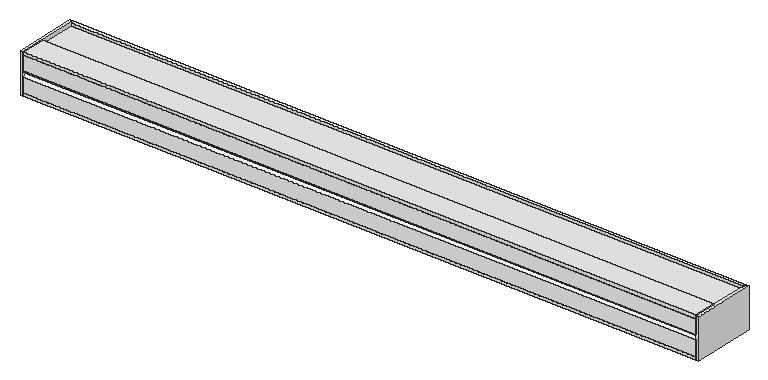
Revit family "4070751+4070747 Feilo Sylvania Lighting Fixture CURSUS 591MM 414LM OVAL LED 3K with SINGLE WALL HOUSING", category Lighting Fixtures, host Face, Revit 2017
Family settings
  Host = Face
  Round Connector Dimension = Use Diameter
  Part Type = Normal
  OmniClass Number = 23.80.70.14
  OmniClass Title = Luminaries for External Lighting
  Cut with Voids When Loaded = Yes
  Light Source = Yes
  Shared = Yes
  Room Calculation Point = No
Parameters (values of type "4070751 CURSUS 591MM 414LM OVAL LED 3K")
  Width_FEILO = 35 mm
  Weight = "1.2 kg"
  Wattage Comments = "n/a"
  Wattage = 9 W
  WarrantyStartDate [instance] = "n/a"
  WarrantyGuarantorParts = "n/a"
  WarrantyDurationUnit = "n/a"
  WarrantyDurationParts = "n/a"
  WarrantyDescription = "n/a"
  WallThickness_FEILO = 2.5 mm
  built-in parameter 1150110 = 1 (stored number, unit not read)
  Voltage = 24 V
  URL = "http://www.sylvania-lighting.com"
  TypeName = "CURSUS 591MM 414LM OVAL LED 3K"
  Type Image = <None>
  Type Comments = "n/a"
  built-in parameter 1114217 = 1 (stored number, unit not read)
  Tilt Angle = -90.00°
  built-in parameter 1150109 = 1 (stored number, unit not read)
  built-in parameter 1150134 = (empty or 0)
  built-in parameter 1150113 = 1 (stored number, unit not read)
  SerialNumber [instance] = "n/a"
  ReflectorMaterial = none
  PowerFactor = 0
  PowerConsumption = "9 W"
  Photometric Web File = "4070751.ies"
  NominalLength = 591 mm
  NominalHeight = 50 mm
  NominalDepth = 30 mm
  Name = "CURSUS 591MM 414LM OVAL LED 3K"
  ModelReference = Name  # "CURSUS 591MM 414LM OVAL LED 3K"
  ModelNumber = "4070751"
  Model = Name  # "CURSUS 591MM 414LM OVAL LED 3K"
  Material = "natural anodised extruded aluminium structure housing, optical system with pmma lenses diffuser"
  ManufacturerName = "Feilo Sylvania"
  Manufacturer = "Feilo Sylvania"
  LuminousEfficacy = "46 lm/W"
  built-in parameter 1150105 = 583.97 (stored number, unit not read)
  Lumens = 414 lm
  LuminaireType = ""
  built-in parameter 1150115 = 1 (stored number, unit not read)
  LightOutputRatio = "100"
  built-in parameter 1150137 = (empty or 0)
  built-in parameter 1150139 = (empty or 0)
  Length_FEILO = 597 mm
  LampsType = Lamp  # "LED"
  LampNominalLuminous = "414 lm"
  LampMacAdamStep = "n/a"
  LampColourTemperature = "3000 K"
  LampColourRenderingIndex = "80"
  built-in parameter 1150112 = 1 (stored number, unit not read)
  built-in parameter 1150114 = 1 (stored number, unit not read)
  Lamp = "LED"
  Keynote = "16500"
  InstallationDate [instance] = "n/a"
  InputVoltage = "24V DC"
  InputNominalFrequency = "n/a"
  built-in parameter 1150132 = (empty or 0)
  built-in parameter 1150102 = (empty or 0)
  built-in parameter 1150107 = 3000 (stored number, unit not read)
  built-in parameter 1150138 = (empty or 0)
  IngressProtection = "IP67"
  ImpactProtectionIndex = "IK07"
  built-in parameter 1150106 = 5.8397 (stored number, unit not read)
  IfcExportType = "IfcLightFixtureType"
  IfcExportAs = "IfcLightFixtureType"
  ExpectedLife = 50000
  EndCapRight [instance] = yes
  EndCapLeft [instance] = yes
  Emit from Rectangle Width = Width_FEILO - WallThickness_FEILO * 2  # 30 mm
  Emit from Rectangle Length = Length_FEILO - WallThickness_FEILO * 2  # 592 mm
  Emit Shape Visible in Rendering = no
  ElectricShockClassification = "Class III"
  built-in parameter 1150104 = 4.2735 (stored number, unit not read)
  DurationUnit = "hours"
  DocumentationLiterature = "http://www.sylvania-lighting.com/product/en-int/products/4070751"
  DimmingControlOptions = "n/a"
  Dimming Lamp Color Temperature Shift = <None>
  DiffuserMaterial = Diffuser-Sylvania-Glow
  Description = "LED Exterior Lighting Recessed Surface Mounted Linear Fixture, Natural anodised extruded aluminium structure. Die-cast aluminium end caps. Installation kit with harmonic steel springs., 414 lm, 9W, 46lm/W, 3000K, CRI80+,non dimmable,IP67, IK07, (HxWxD) 591x50x30mm, 3 step Mac Adam Ellipse, 1.2kg,, Classe III, 21-25V-DC, energy class : A++, A+, A"
  Default Elevation = 1219.2 mm
  CreatedOn = "1/8/2018"
  CreatedBy = ""
  Cost = 0
  Color Filter = 16777215
  built-in parameter 1114216 [instance] = (empty or 0)
  ClassificationValue = "EF_70_80"
  ClassificationName = "Uniclass2015"
  BodyMaterial = Body-Sylvania-Gray
  BarCode [instance] = "n/a"
  built-in parameter 1114218 = 1 (stored number, unit not read)
  built-in parameter 1150133 = 10 (stored number, unit not read)
  AssetType = "Fixed"
  AssetIdentifier [instance] = "n/a"
  Assembly Code = "D5020200"
  Apparent Load = 9 VA
  AccessoryMaterial = Diffuser-Sylvania-Glow
Reference planes
  plane 1 "Center (Front/Back)": y = 0
  plane 2: z = 0
  plane 3 "Center (Left/Right)": x = 0
  plane 4: x = 298.5
  plane 5: x = -298.5
  plane 6: x = -296
  plane 7: x = 296
  plane 8: z = 35
  plane 9: z = 17.5
  plane 10: z = 32.5
  plane 11: z = 2.5
  plane 12: z = 30
  plane 13: z = 5
  plane 14: y = -55
  plane 15: y = -53
  plane 16: y = -2.5
  plane 17: y = -37
  plane 18: y = -34.5
Forms (mm)
  Extrusion 1, solid, material "Body-Sylvania-Gray" <- "BodyMaterial"
    sketch origin (0, 0, 0) x (0, 1, 0) y (0, 0, 1)
      loop
        line (0, 35) -> (-2.5, 35) -> (-2.5, 32.5) -> (-34.5, 32.5) -> (-34.5, 35) -> (-55, 35) -> (-55, 32.5) -> (-37, 32.5) -> (-37, 30) -> (-2.5, 30) -> (-2.5, 5) -> (-37, 5) -> (-37, 2.5) -> (-55, 2.5) -> (-55, 0) -> (-34.5, 0) -> (-34.5, 2.5) -> (-2.5, 2.5) -> (-2.5, 0) -> (0, 0) -> (0, 35)
    from -296 to 296
  Extrusion 2, solid, material "Diffuser-Sylvania-Glow" <- "DiffuserMaterial"
    sketch origin (0, 0, 0) x (0, 1, 0) y (0, 0, 1)
      loop
        line (-37, 32.5) -> (-55, 32.5) -> (-55, 19.5) -> (-53, 17.5) -> (-55, 15.5) -> (-55, 2.5) -> (-37, 2.5) -> (-37, 32.5)
    from -296 to 296
  Extrusion 3, solid, material "Body-Sylvania-Gray" <- "BodyMaterial", visible <- "EndCapRight"
    sketch origin (296, 1524, 1219.2) x (0, 1, 0) y (0, 0, 1)
      loop
        line (-1579, -1184.2) -> (-1579, -1219.2) -> (-1524, -1219.2) -> (-1524, -1184.2) -> (-1579, -1184.2)
    from 0 to 2.5
  Extrusion 4, solid, material "Body-Sylvania-Gray" <- "BodyMaterial", visible <- "EndCapLeft"
    sketch origin (-296, 1524, 1219.2) x (0, 1, 0) y (0, 0, 1)
      loop
        line (-1579, -1184.2) -> (-1579, -1219.2) -> (-1524, -1219.2) -> (-1524, -1184.2) -> (-1579, -1184.2)
    from -2.5 to 0
Dimensions and locks
  equal spacing: plane 5, plane 3 "Center (Left/Right)", plane 4
  "Length_FEILO": plane 5 to plane 4
  equal spacing: plane 6, plane 3 "Center (Left/Right)", plane 7
  "WallThickness_FEILO": plane 5 to plane 6
  locked: plane 9 to plane 2 at 17.5
  locked: plane 8 to plane 2 at 35
  equal spacing: plane 11, plane 9, plane 10
  equal spacing: plane 13, plane 9, plane 12
  "WallThickness_FEILO": plane 12 to plane 10
  locked: plane 14 to plane 15 at 2
  locked: plane 14 to plane 17 at 18
  "WallThickness_FEILO": plane 17 to plane 18
  "WallThickness_FEILO": plane 16 to plane 1 "Center (Front/Back)"
  locked: plane 15 to Extrusion 2 sketch curve (angle 45.00°)
  locked: Extrusion 2 sketch curve to plane 15 (angle 45.00°)
  aligned and locked: plane 2 to host face
  aligned and locked: level to host face
  aligned and locked: plane 1 "Center (Front/Back)" to Extrusion 1 sketch curve
  aligned and locked: Extrusion 1 sketch curve to plane 8  (x2)
  aligned and locked: plane 16 to Extrusion 1 sketch curve
  aligned and locked: host face to Extrusion 1 sketch curve
  aligned and locked: Extrusion 1 sketch curve to plane 16  (x2)
  aligned and locked: Extrusion 1 sketch curve to plane 11
  aligned and locked: plane 18 to Extrusion 1 sketch curve
  aligned and locked: level to Extrusion 1 sketch curve
  aligned and locked: plane 11 to Extrusion 1 sketch curve
  aligned and locked: Extrusion 1 sketch curve to plane 17
  aligned and locked: plane 13 to Extrusion 1 sketch curve
  aligned and locked: Extrusion 1 sketch curve to plane 12
  aligned and locked: plane 10 to Extrusion 1 sketch curve  (x2)
  aligned and locked: plane 17 to Extrusion 1 sketch curve  (x2)
  aligned and locked: plane 12 to Extrusion 1 sketch curve
  aligned and locked: Extrusion 1 sketch curve to plane 10
  aligned and locked: Extrusion 1 sketch curve to plane 18
  aligned and locked: plane 7 to Extrusion 1
  aligned and locked: Extrusion 1 to plane 6
  aligned and locked: Extrusion 2 sketch curve to Extrusion 1  (x4)
  aligned and locked: Extrusion 1 to Extrusion 2 sketch curve
  aligned and locked: plane 9 to Extrusion 2 sketch curve
  aligned and locked: plane 7 to Extrusion 2
  aligned and locked: Extrusion 2 to plane 6
  aligned and locked: Extrusion 3 sketch curve to Extrusion 1  (x4)
  aligned and locked: plane 4 to Extrusion 3
  aligned and locked: Extrusion 3 to plane 7
  aligned and locked: Extrusion 4 sketch curve to Extrusion 3  (x3)
  aligned and locked: Extrusion 4 sketch curve to Extrusion 1
  aligned and locked: Extrusion 4 to plane 5
  aligned and locked: plane 6 to Extrusion 4
  aligned and locked: plane 14 to imposter light
  aligned and locked: imposter light to plane 9
  aligned and locked: plane 3 "Center (Left/Right)" to imposter light
Automatic sketch dimensions
  host sketch curve to host sketch curve = 2438.4 mm  (x2)
  Extrusion 1 sketch curve to plane 14 = 0 mm  (x2)
  Extrusion 2 sketch curve to plane 15 = 0 mm
Connectors
  electrical at (0, 0, 0), driven by "Apparent Load", driven by "PowerFactor", driven by "Voltage"
    settings: index 1, voltage 24 V, apparent load 9 VA, apparent load phase1 0 VA, apparent load phase2 0 VA, apparent load phase3 0 VA, power factor 0, load classification "Lighting", number of poles 1, system type 30, power factor state 1, is connector primary yes, connector utility no, sub classification motor no, connector description ""
